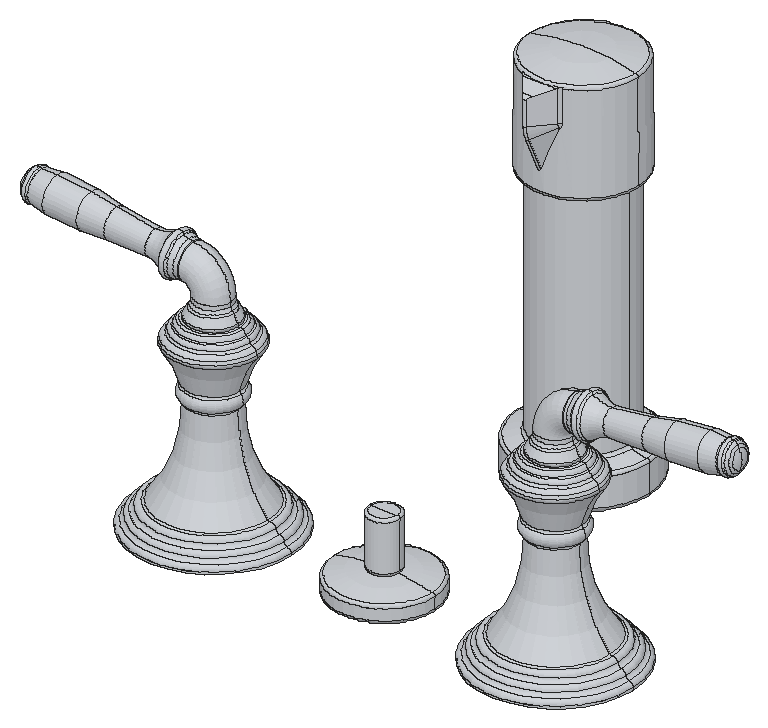
Revit family "Faucet-Bidet-KOHLER-Devonshire-K-412_1", category Plumbing Fixtures, host Face, Revit 2017
Family settings
  Host = Face
  Round Connector Dimension = Use Diameter
  Part Type = Normal
  OmniClass Number = 23.31.11.00
  Cut with Voids When Loaded = No
  Shared = No
  Room Calculation Point = No
Parameters (values of type "CP-Polished Chrome")
  Width [instance] = 5 1/2"
  WaterSense Certified = 1 = 0  # no
  Waste Water Outlet = "Waste Water Outlet"  # constant formula
  Waste Connection = 1 = 0  # no
  Vent Connection = 1 = 0  # no
  URL = "https://www.us.kohler.com/us/"
  Type = 1
  Spray Handle Distance [instance] = 4"
  Product Page URL = "http://www.us.kohler.com/us/catalog/productDetails.jsp?productNumber=412-4"
  Product Name = "Devonshire"  # constant formula
  Product Documentation Link = "https://www.us.kohler.com/webassets/kpna/catalog/pdf/en/K-412-4_spec.pdf"
  Pressure = 0.00 psi
  Model = if(Type = 1, "K-412-4-CP", if(Type = 2, "K-412-4-PB", if(Type = 3, "K-412-4-BN", if(Type = 4, "K-412-4-2BZ", "NA"))))  # "K-412-4-CP"
  Material = "Brass Construction"  # constant formula
  MasterFormat 2004 = "22.41.39"  # constant formula
  MasterFormat 1995 = "15410"  # constant formula
  Manufacturer Address = "444 Highland Dr, Kohler, WI 53044"  # constant formula
  Manufacturer = "KOHLER Co."  # constant formula
  Length = 2 1/8"  # constant formula
  Hot Water Inlet = "Hot Water Inlet"  # constant formula
  Height = 6 1/8"  # constant formula
  Handle Clearance = 3"  # constant formula
  HW Connection = 1 = 1  # yes
  Flow Rate = 0 GPM
  Finish = Kohler-Metal-CP-Polished_Chrome
  Faucet Hole Spacing [instance] = Width  # 5 1/2"
  Environmental Product Declaration = ""
  Drain Included = 1 = 1  # yes
  Description = "Vertical spray bidet faucet with lever handles"  # constant formula
  Default Elevation = 36"
  Declare Label = ""
  Date Modified = "02/19/2020"  # constant formula
  Date Created = "02/19/2020"  # constant formula
  Copyright = "Copyright KOHLER Co."  # constant formula
  Contact Us = "https://www.us.kohler.com/us/static/contact.jsp"
  Cold Water Inlet = "Cold Water Inlet"  # constant formula
  CW Connection = 1 = 1  # yes
  Assembly Code = "D2010"
  ADA Compliant = 1 = 0  # no
Types (5): name | Type | Model | Finish
  (no name) | 1 | "K-412-4-CP" | Kohler-Metal-CP-Polished_Chrome
  CP-Polished Chrome | 1 | "K-412-4-CP" | Kohler-Metal-CP-Polished_Chrome
  PB-Vibrant Polished Brass | 2 | "K-412-4-PB" | Kohler-Metal-PB-Vibrant_Polished_Brass
  BN-Vibrant Brushed Nickel | 3 | "K-412-4-BN" | Kohler-Metal-BN-Vibrant_Brushed_Nickel
  2BZ-Oil-Rubbed Bronze | 4 | "K-412-4-2BZ" | Kohler-Metal-2BZ-Oil_Rubbed_Bronze
Reference planes (in)
  plane 1 "Center (Front/Back)": y = 0
  plane 2: z = 0
  plane 3 "Center (Left/Right)": x = 0
  plane 4: y = 5.0625
  plane 5: x = 1.0625
  plane 6: y = 2.9375
  plane 7: y = 2.8125
  plane 8: y = 4
  plane 9: x = -1.0625
  plane 10: x = -1.5
  plane 11: y = -1.25
  plane 12: x = -4
  plane 13: y = 1.25
  plane 14: x = -5.75
  plane 15: x = -2.75
  plane 16: y = -0.8125
  plane 17: x = -0.8125
  plane 18: x = 0.8125
  plane 19: y = 0.8125
  plane 20: x = 1.5
  plane 21: x = 5.75
  plane 22: x = 4
  plane 23: x = 2.75
  plane 24: z = 6.125
  plane 25: z = 4.1875
  plane 26: z = 1.1875
Dimensions and locks (in)
  equal spacing: plane 6, plane 8, plane 4
  locked: plane 6 to plane 7 at 0.125
  "Spray Handle Distance": plane 1 "Center (Front/Back)" to plane 8
  "Length": plane 4 to plane 6
  equal spacing: plane 10, plane 15, plane 12
  locked: plane 10 to plane 12 at 2.5
  equal spacing: plane 20, plane 23, plane 22
  locked: plane 20 to plane 22 at 2.5
  equal spacing: plane 15, plane 3 "Center (Left/Right)", plane 23
  "Width": plane 15 to plane 23
  "Handle Clearance": plane 14 to plane 15
  "Handle Clearance": plane 23 to plane 21
  "Height": plane 24 to host face
  aligned and locked: plane 2 to host face
  aligned and locked: level to host face
  aligned and locked: nested 3 to plane 8
  aligned and locked: nested 1 to plane 15
  aligned and locked: nested 2 to plane 23
Automatic sketch dimensions
  host sketch curve to host sketch curve = 96"  (x2)
Nested families (in)
  nested 1: "K-412_Handle" at (-2.75, 0, 0), type "K-412_Handle"
  nested 2: "K-412_Handle" at (2.75, 0, 0) x (-1, 0, 0) z (0, 0, 1), type "K-412_Handle"
  nested 3: "K-412_Spray_Handle" at (0, 4, 0), type "K-412_Spray_Handle"
  nested 4: "K-412_Liftrod" at (0, 0, 0), type "K-412_Liftrod"
Connectors (in)
  piping at (-2.75, 0, 0), diameter 0.5, driven by "Flow Rate", driven by "Pressure", driven by "HW Connection", driven by "Hot Water Inlet"
    settings: on nested 1, index 1, connector inside diameter 24", connector length 0", flow factor 0, pipe flow 0 GPM, pressure drop 0.00 psi, fitting loss kfactor 0, connector angle 0.00°, fixture units 0, engagement length 0", angle of deflection 0.00°, flow configuration 0, flow direction 1, fitting loss method 0, system type 19, joint type 0, gender type 0, connector reference index -1, connector utility 1, adjustable connector no, is connector primary yes, connector description "Hot Water Inlet"
  piping at (2.75, 0, 0), diameter 0.5, driven by "Flow Rate", driven by "Pressure", driven by "CW Connection", driven by "Cold Water Inlet"
    settings: on nested 2, index 2, connector inside diameter 24", connector length 0", flow factor 0, pipe flow 0 GPM, pressure drop 0.00 psi, fitting loss kfactor 0, connector angle 0.00°, fixture units 0, engagement length 0", angle of deflection 0.00°, flow configuration 0, flow direction 1, fitting loss method 0, system type 20, joint type 0, gender type 0, connector reference index -1, connector utility 1, adjustable connector no, is connector primary no, connector description "Cold Water Inlet"
Definition of nested family "K-412_Handle"
  Parameters (values of type "K-412_Handle")
    Material = none
  Reference planes (in)
    plane 1 "Center (Front/Back)": y = 0
    plane 2: z = 0
    plane 3 "Center (Left/Right)": x = 0
    plane 4: y = 1.25
    plane 5: y = -1.25
    plane 6: x = -1.25
    plane 7: x = -3
    plane 8: x = 1.25
    plane 9: z = 4.1875
  Forms (in)
    Revolve 1, solid, material <- "Material", detail levels medium+fine
      sketch origin (0, 0, 0) x (1, 0, 0) y (0, 0, 1)
        loop
          line (-1.25026, 0) -> (0, 0) -> (0, 3.25755) -> (-0.28036, 3.25755)
          arc (-0.28036, 3.25755) -> (-0.28932, 3.22947) -> (-0.304, 3.20393) r 0.13871
          arc (-0.304, 3.20393) -> (-0.31502, 3.18759) -> (-0.32487, 3.17052) r 0.28281
          line (-0.32487, 3.17052) -> (-0.39317, 3.04207)
          arc (-0.39317, 3.04207) -> (-0.39566, 3.01863) -> (-0.38123, 3) r 0.03157
          line (-0.38123, 3) -> (-0.43429, 3)
          arc (-0.43429, 3) -> (-0.45313, 2.99691) -> (-0.47, 2.98797) r 0.05901
          arc (-0.47, 2.98797) -> (-0.49658, 2.95926) -> (-0.51179, 2.92322) r 0.11307
          arc (-0.51179, 2.92322) -> (-0.5191, 2.90983) -> (-0.53234, 2.90223) r 0.02812
          arc (-0.53234, 2.90223) -> (-0.56743, 2.88011) -> (-0.58264, 2.84152) r 0.06666
          arc (-0.58264, 2.84152) -> (-0.59163, 2.81805) -> (-0.61251, 2.80405) r 0.04159
          arc (-0.61251, 2.80405) -> (-0.65326, 2.78206) -> (-0.68142, 2.7453) r 0.11051
          arc (-0.68142, 2.7453) -> (-0.6918, 2.7202) -> (-0.69957, 2.69417) r 0.26721
          arc (-0.69957, 2.69417) -> (-0.7001, 2.66865) -> (-0.68977, 2.64531) r 0.05884
          arc (-0.68977, 2.64531) -> (-0.53036, 2.38031) -> (-0.42311, 2.09025) r 1.6525
          arc (-0.42311, 2.09025) -> (-0.42333, 2.06589) -> (-0.43601, 2.0451) r 0.04578
          arc (-0.43601, 2.0451) -> (-0.47506, 1.94578) -> (-0.42303, 1.8526) r 0.12476
          arc (-0.42303, 1.8526) -> (-0.40669, 1.83414) -> (-0.40009, 1.81038) r 0.05483
          arc (-0.40009, 1.81038) -> (-0.5054, 1.05483) -> (-0.87384, 0.38684) r 2.0984
          arc (-0.87384, 0.38684) -> (-0.89149, 0.37381) -> (-0.91321, 0.37074) r 0.04471
          arc (-0.91321, 0.37074) -> (-0.96994, 0.35475) -> (-0.9998, 0.30393) r 0.07897
          arc (-0.9998, 0.30393) -> (-1.0215, 0.2607) -> (-1.06457, 0.23869) r 0.07769
          arc (-1.06457, 0.23869) -> (-1.10803, 0.21643) -> (-1.12983, 0.17273) r 0.07823
          arc (-1.12983, 0.17273) -> (-1.1499, 0.1322) -> (-1.18903, 0.10951) r 0.07835
          arc (-1.18903, 0.10951) -> (-1.2331, 0.08144) -> (-1.25026, 0.03208) r 0.07958
          line (-1.25026, 0.03208) -> (-1.25026, 0)
        axis (0, 3.25755) -> (0, 0)
      angle from 0 to 360
    Revolve 2, solid, material <- "Material", detail levels medium+fine
      sketch origin (0, 0, 0) x (1, 0, 0) y (0, 0, 1)
        loop
          line (-2.99701, 3.9369) -> (-0.34778, 3.70512) -> (-0.32327, 3.9853)
          arc (-0.32327, 3.9853) -> (-0.35984, 3.98962) -> (-0.39511, 4.00018) r 0.2127
          line (-0.39511, 4.00018) -> (-0.47489, 4.03183)
          arc (-0.47489, 4.03183) -> (-0.48858, 4.04009) -> (-0.49883, 4.05236) r 0.04848
          arc (-0.49883, 4.05236) -> (-0.53734, 4.0772) -> (-0.58019, 4.06097) r 0.05084
          arc (-0.58019, 4.06097) -> (-0.59349, 4.04831) -> (-0.60841, 4.03762) r 0.13271
          arc (-0.60841, 4.03762) -> (-0.75691, 3.97493) -> (-0.91741, 3.96) r 0.52757
          arc (-0.91741, 3.96) -> (-1.23902, 3.99167) -> (-1.55735, 4.04735) r 4.30882
          arc (-1.55735, 4.04735) -> (-1.75606, 4.08867) -> (-1.95523, 4.12775) r 17.97535
          arc (-1.95523, 4.12775) -> (-2.22373, 4.16709) -> (-2.49461, 4.18342) r 3.18391
          arc (-2.49461, 4.18342) -> (-2.62984, 4.18196) -> (-2.76476, 4.17284) r 2.38588
          arc (-2.76476, 4.17284) -> (-2.78114, 4.1739) -> (-2.79635, 4.18006) r 0.05146
          arc (-2.79635, 4.18006) -> (-2.82589, 4.18742) -> (-2.85441, 4.1768) r 0.05143
          arc (-2.85441, 4.1768) -> (-2.86807, 4.16796) -> (-2.883, 4.1615) r 0.0984
          arc (-2.883, 4.1615) -> (-2.90879, 4.14772) -> (-2.92873, 4.12633) r 0.08911
          arc (-2.92873, 4.12633) -> (-2.94223, 4.10426) -> (-2.95408, 4.08125) r 0.35199
          arc (-2.95408, 4.08125) -> (-2.98095, 4.01068) -> (-2.99701, 3.9369) r 0.50561
        axis (-2.99701, 3.9369) -> (-0.34778, 3.70512)
      angle from 0 to 360
    Sweep 3, solid, material <- "Material", detail levels medium+fine
      path origin (0, 0, 0) x (1, 0, 0) y (0, 0, 1)
        loop
          arc (-0.34778, 3.70512) -> (-0.10006, 3.5825) -> (0, 3.32483) r 0.38181
          line (0, 3.32483) -> (0, 3.25755)
      profile origin (0, 0, 3.25755) x (0, -1, 0) y (1, 0, 0)
        loop
          circle (0, 0) r 0.28036
    Revolve 4, solid, material <- "Material", detail levels coarse
      sketch origin (0, 0, 0) x (1, 0, 0) y (0, 0, 1)
        loop
          line (0, 0) -> (1.25026, 0) -> (0.40502, 1.81262) -> (0.40502, 3.06262) -> (0.28036, 3.25755) -> (0, 3.25755) -> (0, 0)
        axis (0, 3.25755) -> (0, 0)
      angle from 0 to 360
    Sweep 5, solid, material <- "Material", detail levels coarse
      path origin (0, 0, 0) x (1, 0, 0) y (0, 0, 1)
        loop
          arc (-0.34778, 3.70512) -> (-0.10006, 3.5825) -> (0, 3.32483) r 0.38181
          line (0, 3.32483) -> (0, 3.25755)
      profile origin (0, 0, 3.25755) x (0, -1, 0) y (1, 0, 0)
        loop
          circle (0, 0) r 0.29056
    Extrusion 6, solid, material <- "Material", detail levels coarse
      sketch origin (-0.30797, 0, -0.01766) x (0, 1, 0) y (0.089459, 0, 0.995991)
        loop
          circle (0, 3.70429) r 0.27823
      from -3.03097 to -0.36844
    Extrusion 7, solid, material <- "Material", detail levels medium+fine
      sketch origin (0, 0, 0) x (1, 0, 0) y (0, 1, 0)
        loop
          circle (0, 0) r 0.03305
      from 0 to 0.00842
  Cuts and joins
    joined: Revolve 4, Sweep 5, Extrusion 6
    joined: Revolve 1, Revolve 2
  Lines and regions (in)
    Masking region 1
      outline origin (0, 0, 0) x (1, 0, 0) y (0, 0, 1)
        loop
          arc (-1.12973, 0.17339) -> (-1.1495, 0.13245) -> (-1.18876, 0.10952) r 0.07791
          arc (-1.18876, 0.10952) -> (-1.23284, 0.08144) -> (-1.25, 0.03208) r 0.07958
          line (-1.25, 0.03208) -> (-1.25, 0) -> (1.25001, 0) -> (1.25001, 0.03208)
          arc (1.25001, 0.03208) -> (1.233, 0.08126) -> (1.18922, 0.10941) r 0.07958
          arc (1.18922, 0.10941) -> (1.15009, 0.13222) -> (1.12983, 0.17273) r 0.07931
          arc (1.12983, 0.17273) -> (1.10803, 0.21643) -> (1.06457, 0.23869) r 0.07823
          arc (1.06457, 0.23869) -> (1.0215, 0.2607) -> (0.9998, 0.30393) r 0.07769
          arc (0.9998, 0.30393) -> (0.96994, 0.35475) -> (0.91321, 0.37074) r 0.07897
          arc (0.91321, 0.37074) -> (0.89149, 0.37381) -> (0.87384, 0.38684) r 0.04471
          arc (0.87384, 0.38684) -> (0.5054, 1.05483) -> (0.40009, 1.81038) r 2.0984
          arc (0.40009, 1.81038) -> (0.40669, 1.83414) -> (0.42303, 1.8526) r 0.05483
          arc (0.42303, 1.8526) -> (0.47506, 1.94578) -> (0.43601, 2.0451) r 0.12476
          arc (0.43601, 2.0451) -> (0.42333, 2.06589) -> (0.42311, 2.09025) r 0.04578
          arc (0.42311, 2.09025) -> (0.53036, 2.38031) -> (0.68977, 2.64531) r 1.6525
          arc (0.68977, 2.64531) -> (0.7001, 2.66865) -> (0.69957, 2.69417) r 0.05884
          arc (0.69957, 2.69417) -> (0.6918, 2.7202) -> (0.68142, 2.7453) r 0.26721
          arc (0.68142, 2.7453) -> (0.65326, 2.78206) -> (0.61251, 2.80405) r 0.11051
          arc (0.61251, 2.80405) -> (0.59163, 2.81805) -> (0.58264, 2.84152) r 0.04159
          arc (0.58264, 2.84152) -> (0.56743, 2.88011) -> (0.53234, 2.90223) r 0.06666
          arc (0.53234, 2.90223) -> (0.5191, 2.90983) -> (0.51179, 2.92322) r 0.02812
          arc (0.51179, 2.92322) -> (0.49658, 2.95926) -> (0.47, 2.98797) r 0.11307
          arc (0.47, 2.98797) -> (0.45313, 2.99691) -> (0.43429, 3) r 0.05901
          line (0.43429, 3) -> (0.38123, 3)
          arc (0.38123, 3) -> (0.39566, 3.01863) -> (0.39317, 3.04207) r 0.03157
          line (0.39317, 3.04207) -> (0.32487, 3.17052)
          arc (0.32487, 3.17052) -> (0.31502, 3.18759) -> (0.304, 3.20393) r 0.28281
          arc (0.304, 3.20393) -> (0.28932, 3.22947) -> (0.28036, 3.25755) r 0.13871
          line (0.28036, 3.25755) -> (0.28036, 3.33736)
          arc (0.28036, 3.33736) -> (0.10607, 3.78013) -> (-0.32327, 3.9853) r 0.64957
          arc (-0.32327, 3.9853) -> (-0.35984, 3.98962) -> (-0.39511, 4.00018) r 0.2127
          line (-0.39511, 4.00018) -> (-0.47489, 4.03183)
          arc (-0.47489, 4.03183) -> (-0.48844, 4.03997) -> (-0.49865, 4.05205) r 0.04848
          arc (-0.49865, 4.05205) -> (-0.53989, 4.07713) -> (-0.58385, 4.05718) r 0.05164
          arc (-0.58385, 4.05718) -> (-0.59495, 4.04591) -> (-0.60841, 4.03762) r 0.06601
          arc (-0.60841, 4.03762) -> (-0.75691, 3.97493) -> (-0.91741, 3.96) r 0.52757
          arc (-0.91741, 3.96) -> (-1.23902, 3.99167) -> (-1.55735, 4.04735) r 4.30882
          arc (-1.55735, 4.04735) -> (-1.75606, 4.08867) -> (-1.95523, 4.12775) r 17.97535
          arc (-1.95523, 4.12775) -> (-2.22373, 4.16709) -> (-2.49461, 4.18342) r 3.18391
          arc (-2.49461, 4.18342) -> (-2.63125, 4.18194) -> (-2.7676, 4.17272) r 2.40938
          arc (-2.7676, 4.17272) -> (-2.78398, 4.17406) -> (-2.79889, 4.181) r 0.04663
          arc (-2.79889, 4.181) -> (-2.82756, 4.18712) -> (-2.85493, 4.17658) r 0.05143
          arc (-2.85493, 4.17658) -> (-2.86859, 4.16775) -> (-2.88351, 4.16129) r 0.0984
          arc (-2.88351, 4.16129) -> (-2.90931, 4.14751) -> (-2.92925, 4.12612) r 0.08911
          arc (-2.92925, 4.12612) -> (-2.94275, 4.10404) -> (-2.95459, 4.08103) r 0.35199
          arc (-2.95459, 4.08103) -> (-2.9992, 3.93624) -> (-2.98041, 3.7859) r 0.36078
          arc (-2.98041, 3.7859) -> (-2.97297, 3.76231) -> (-2.96389, 3.73929) r 0.35199
          arc (-2.96389, 3.73929) -> (-2.94796, 3.71477) -> (-2.92495, 3.69672) r 0.08911
          arc (-2.92495, 3.69672) -> (-2.91137, 3.68776) -> (-2.89945, 3.67669) r 0.0984
          arc (-2.89945, 3.67669) -> (-2.87602, 3.66202) -> (-2.84837, 3.66161) r 0.05143
          arc (-2.84837, 3.66161) -> (-2.82778, 3.6649) -> (-2.80695, 3.66409) r 0.10573
          arc (-2.80695, 3.66409) -> (-2.67855, 3.63177) -> (-2.54844, 3.60718) r 2.21715
          arc (-2.54844, 3.60718) -> (-2.27884, 3.57622) -> (-2.00759, 3.56834) r 3.18391
          arc (-2.00759, 3.56834) -> (-1.80466, 3.57223) -> (-1.60179, 3.57842) r 17.97535
          arc (-1.60179, 3.57842) -> (-1.27863, 3.57798) -> (-0.95641, 3.55332) r 4.30882
          arc (-0.95641, 3.55332) -> (-0.79934, 3.51061) -> (-0.66219, 3.42293) r 0.53879
          arc (-0.66219, 3.42293) -> (-0.65037, 3.41242) -> (-0.64139, 3.39941) r 0.06601
          arc (-0.64139, 3.39941) -> (-0.60157, 3.37212) -> (-0.5566, 3.38966) r 0.05164
          arc (-0.5566, 3.38966) -> (-0.54445, 3.39978) -> (-0.52969, 3.40545) r 0.04848
          line (-0.52969, 3.40545) -> (-0.44563, 3.42276)
          arc (-0.44563, 3.42276) -> (-0.40906, 3.42703) -> (-0.3723, 3.42494) r 0.2127
          arc (-0.3723, 3.42494) -> (-0.30692, 3.3944) -> (-0.28032, 3.32732) r 0.09773
          line (-0.28032, 3.32732) -> (-0.28036, 3.25755)
          arc (-0.28036, 3.25755) -> (-0.28932, 3.22947) -> (-0.304, 3.20393) r 0.13871
          arc (-0.304, 3.20393) -> (-0.31502, 3.18759) -> (-0.32487, 3.17052) r 0.28281
          line (-0.32487, 3.17052) -> (-0.39317, 3.04207)
          arc (-0.39317, 3.04207) -> (-0.39566, 3.01863) -> (-0.38123, 3) r 0.03157
          line (-0.38123, 3) -> (-0.43429, 3)
          arc (-0.43429, 3) -> (-0.45313, 2.99691) -> (-0.47, 2.98797) r 0.05901
          arc (-0.47, 2.98797) -> (-0.49658, 2.95926) -> (-0.51179, 2.92322) r 0.11307
          arc (-0.51179, 2.92322) -> (-0.5191, 2.90983) -> (-0.53234, 2.90223) r 0.02812
          arc (-0.53234, 2.90223) -> (-0.56743, 2.88011) -> (-0.58264, 2.84152) r 0.06666
          arc (-0.58264, 2.84152) -> (-0.59163, 2.81805) -> (-0.61251, 2.80405) r 0.04159
          arc (-0.61251, 2.80405) -> (-0.65326, 2.78206) -> (-0.68142, 2.7453) r 0.11051
          arc (-0.68142, 2.7453) -> (-0.6918, 2.7202) -> (-0.69957, 2.69417) r 0.26721
          arc (-0.69957, 2.69417) -> (-0.7001, 2.66865) -> (-0.68977, 2.64531) r 0.05884
          arc (-0.68977, 2.64531) -> (-0.53036, 2.38031) -> (-0.42311, 2.09025) r 1.6525
          arc (-0.42311, 2.09025) -> (-0.42333, 2.06589) -> (-0.43601, 2.0451) r 0.04578
          arc (-0.43601, 2.0451) -> (-0.47506, 1.94578) -> (-0.42303, 1.8526) r 0.12476
          arc (-0.42303, 1.8526) -> (-0.40669, 1.83414) -> (-0.40009, 1.81038) r 0.05483
          arc (-0.40009, 1.81038) -> (-0.5054, 1.05483) -> (-0.87384, 0.38684) r 2.0984
          arc (-0.87384, 0.38684) -> (-0.89149, 0.37381) -> (-0.91321, 0.37074) r 0.04471
          arc (-0.91321, 0.37074) -> (-0.96994, 0.35475) -> (-0.9998, 0.30393) r 0.07897
          arc (-0.9998, 0.30393) -> (-1.0215, 0.2607) -> (-1.06457, 0.23869) r 0.07769
          arc (-1.06457, 0.23869) -> (-1.1078, 0.21667) -> (-1.12973, 0.17339) r 0.07823
    Masking region 2
      outline origin (0, 0, 0) x (0, 1, 0) y (0, 0, 1)
        loop
          line (1.25, 0) -> (1.25, 0.03208)
          arc (1.25, 0.03208) -> (1.23291, 0.08136) -> (1.18897, 0.10947) r 0.07958
          arc (1.18897, 0.10947) -> (1.14989, 0.13221) -> (1.12983, 0.17273) r 0.07854
          arc (1.12983, 0.17273) -> (1.10803, 0.21643) -> (1.06457, 0.23869) r 0.07823
          arc (1.06457, 0.23869) -> (1.0215, 0.2607) -> (0.9998, 0.30393) r 0.07769
          arc (0.9998, 0.30393) -> (0.96994, 0.35475) -> (0.91321, 0.37074) r 0.07897
          arc (0.91321, 0.37074) -> (0.89149, 0.37381) -> (0.87384, 0.38684) r 0.04471
          arc (0.87384, 0.38684) -> (0.5054, 1.05483) -> (0.40009, 1.81038) r 2.0984
          arc (0.40009, 1.81038) -> (0.40669, 1.83414) -> (0.42303, 1.8526) r 0.05483
          arc (0.42303, 1.8526) -> (0.47506, 1.94578) -> (0.43601, 2.0451) r 0.12476
          arc (0.43601, 2.0451) -> (0.42333, 2.06589) -> (0.42311, 2.09025) r 0.04578
          arc (0.42311, 2.09025) -> (0.53036, 2.38031) -> (0.68977, 2.64531) r 1.6525
          arc (0.68977, 2.64531) -> (0.7001, 2.66865) -> (0.69957, 2.69417) r 0.05884
          arc (0.69957, 2.69417) -> (0.6918, 2.7202) -> (0.68142, 2.7453) r 0.26721
          arc (0.68142, 2.7453) -> (0.65326, 2.78206) -> (0.61251, 2.80405) r 0.11051
          arc (0.61251, 2.80405) -> (0.59163, 2.81805) -> (0.58264, 2.84152) r 0.04159
          arc (0.58264, 2.84152) -> (0.56743, 2.88011) -> (0.53234, 2.90223) r 0.06666
          arc (0.53234, 2.90223) -> (0.5191, 2.90983) -> (0.51179, 2.92322) r 0.02812
          arc (0.51179, 2.92322) -> (0.49658, 2.95926) -> (0.47, 2.98797) r 0.11307
          arc (0.47, 2.98797) -> (0.45313, 2.99691) -> (0.43429, 3) r 0.05901
          line (0.43429, 3) -> (0.38123, 3)
          arc (0.38123, 3) -> (0.39566, 3.01863) -> (0.39317, 3.04207) r 0.03157
          line (0.39317, 3.04207) -> (0.32487, 3.17052)
          arc (0.32487, 3.17052) -> (0.31502, 3.18759) -> (0.304, 3.20393) r 0.28281
          arc (0.304, 3.20393) -> (0.28932, 3.22947) -> (0.28036, 3.25755) r 0.13871
          line (0.28036, 3.25755) -> (0.28036, 3.50928)
          spline (0.28036, 3.50928) -> (0.29984, 3.53754) -> (0.31663, 3.56756) -> (0.33058, 3.59908) -> (0.34155, 3.63181) -> (0.34946, 3.66547) -> (0.35423, 3.69974) -> (0.35581, 3.73432) -> (0.3542, 3.7689) -> (0.34941, 3.80316) -> (0.34149, 3.83681) -> (0.33049, 3.86954) -> (0.31652, 3.90105)
          spline (0.31652, 3.90105) -> (0.30325, 3.97586) -> (0.27028, 4.04509) -> (0.21975, 4.10424) -> (0.15495, 4.14947) -> (0.08007, 4.17783) -> (0, 4.1875) -> (-0.08007, 4.17783) -> (-0.15495, 4.14947) -> (-0.21975, 4.10424) -> (-0.27028, 4.04509) -> (-0.30325, 3.97586) -> (-0.31652, 3.90105)
          spline (-0.31652, 3.90105) -> (-0.33049, 3.86954) -> (-0.34149, 3.83681) -> (-0.34941, 3.80316) -> (-0.3542, 3.7689) -> (-0.35581, 3.73432) -> (-0.35423, 3.69974) -> (-0.34946, 3.66547) -> (-0.34155, 3.63181) -> (-0.33058, 3.59908) -> (-0.31663, 3.56756) -> (-0.29984, 3.53754) -> (-0.28036, 3.50928)
          line (-0.28036, 3.50928) -> (-0.28036, 3.25755)
          arc (-0.28036, 3.25755) -> (-0.28932, 3.22947) -> (-0.304, 3.20393) r 0.13871
          arc (-0.304, 3.20393) -> (-0.31502, 3.18759) -> (-0.32487, 3.17052) r 0.28281
          line (-0.32487, 3.17052) -> (-0.39317, 3.04207)
          arc (-0.39317, 3.04207) -> (-0.39566, 3.01863) -> (-0.38123, 3) r 0.03157
          line (-0.38123, 3) -> (-0.43429, 3)
          arc (-0.43429, 3) -> (-0.45313, 2.99691) -> (-0.47, 2.98797) r 0.05901
          arc (-0.47, 2.98797) -> (-0.49658, 2.95926) -> (-0.51179, 2.92322) r 0.11307
          arc (-0.51179, 2.92322) -> (-0.5191, 2.90983) -> (-0.53234, 2.90223) r 0.02812
          arc (-0.53234, 2.90223) -> (-0.56743, 2.88011) -> (-0.58264, 2.84152) r 0.06666
          arc (-0.58264, 2.84152) -> (-0.59163, 2.81805) -> (-0.61251, 2.80405) r 0.04159
          arc (-0.61251, 2.80405) -> (-0.65326, 2.78206) -> (-0.68142, 2.7453) r 0.11051
          arc (-0.68142, 2.7453) -> (-0.6918, 2.7202) -> (-0.69957, 2.69417) r 0.26721
          arc (-0.69957, 2.69417) -> (-0.7001, 2.66865) -> (-0.68977, 2.64531) r 0.05884
          arc (-0.68977, 2.64531) -> (-0.53036, 2.38031) -> (-0.42311, 2.09025) r 1.6525
          arc (-0.42311, 2.09025) -> (-0.42333, 2.06589) -> (-0.43601, 2.0451) r 0.04578
          arc (-0.43601, 2.0451) -> (-0.47506, 1.94578) -> (-0.42303, 1.8526) r 0.12476
          arc (-0.42303, 1.8526) -> (-0.40669, 1.83414) -> (-0.40009, 1.81038) r 0.05483
          arc (-0.40009, 1.81038) -> (-0.5054, 1.05483) -> (-0.87384, 0.38684) r 2.0984
          arc (-0.87384, 0.38684) -> (-0.89149, 0.37381) -> (-0.91321, 0.37074) r 0.04471
          arc (-0.91321, 0.37074) -> (-0.96994, 0.35475) -> (-0.9998, 0.30393) r 0.07897
          arc (-0.9998, 0.30393) -> (-1.0215, 0.2607) -> (-1.06457, 0.23869) r 0.07769
          arc (-1.06457, 0.23869) -> (-1.10803, 0.21643) -> (-1.12983, 0.17273) r 0.07823
          arc (-1.12983, 0.17273) -> (-1.14984, 0.13221) -> (-1.1889, 0.10948) r 0.07832
          arc (-1.1889, 0.10948) -> (-1.23288, 0.08139) -> (-1.25, 0.03208) r 0.07958
          line (-1.25, 0.03208) -> (-1.25, 0) -> (1.25, 0)
    Masking region 3
      outline origin (0, 0, 0) x (1, 0, 0) y (0, 1, 0)
        loop
          arc (-1.22934, 0.22631) -> (-1.40305, 0.23723) -> (-1.57618, 0.25516) r 4.30882
          arc (-1.57618, 0.25516) -> (-1.77774, 0.27901) -> (-1.97956, 0.30058) r 17.97535
          arc (-1.97956, 0.30058) -> (-2.25046, 0.31636) -> (-2.52173, 0.30902) r 3.18391
          arc (-2.52173, 0.30902) -> (-2.65033, 0.29496) -> (-2.77742, 0.27084) r 1.64745
          arc (-2.77742, 0.27084) -> (-2.79363, 0.27052) -> (-2.80796, 0.27813) r 0.03228
          arc (-2.80796, 0.27813) -> (-2.84277, 0.29165) -> (-2.87755, 0.27806) r 0.05143
          arc (-2.87755, 0.27806) -> (-2.89039, 0.26807) -> (-2.90469, 0.26033) r 0.0984
          arc (-2.90469, 0.26033) -> (-2.92919, 0.24435) -> (-2.94719, 0.22131) r 0.08911
          arc (-2.94719, 0.22131) -> (-2.95872, 0.19814) -> (-2.96851, 0.17418) r 0.35199
          arc (-2.96851, 0.17418) -> (-3, 0) -> (-2.96851, -0.17418) r 0.49747
          arc (-2.96851, -0.17418) -> (-2.95872, -0.19814) -> (-2.94719, -0.22131) r 0.35199
          arc (-2.94719, -0.22131) -> (-2.92919, -0.24435) -> (-2.90469, -0.26033) r 0.08911
          arc (-2.90469, -0.26033) -> (-2.89039, -0.26807) -> (-2.87755, -0.27806) r 0.0984
          arc (-2.87755, -0.27806) -> (-2.84277, -0.29165) -> (-2.80796, -0.27813) r 0.05143
          arc (-2.80796, -0.27813) -> (-2.79363, -0.27052) -> (-2.77742, -0.27084) r 0.03228
          arc (-2.77742, -0.27084) -> (-2.65033, -0.29496) -> (-2.52173, -0.30902) r 1.64745
          arc (-2.52173, -0.30902) -> (-2.25046, -0.31636) -> (-1.97956, -0.30058) r 3.18391
          arc (-1.97956, -0.30058) -> (-1.77774, -0.27901) -> (-1.57618, -0.25516) r 17.97535
          arc (-1.57618, -0.25516) -> (-1.40305, -0.23723) -> (-1.22934, -0.22631) r 4.30882
          arc (-1.22934, -0.22631) -> (1.25, 0) -> (-1.22934, 0.22631) r 1.25
    symbolic lines, detail levels medium+fine
      curve 1: line (-0.38123, 0, 3) -> (0.38123, 0, 3)
      curve 2: line (-0.43601, 0, 2.0451) -> (0.43601, 0, 2.0451)
      curve 3: line (-0.42303, 0, 1.8526) -> (0.42303, 0, 1.8526)
      curve 4: line (-0.58385, 0, 4.05718) -> (-0.64139, 0, 3.39941)
      curve 5: line (-0.49865, 0, 4.05205) -> (-0.5566, 0, 3.38966)
      curve 6: line (-2.81645, 0, 4.20002) -> (-2.86488, 0, 3.64642)
      curve 7: line (-2.74711, 0, 4.19403) -> (-2.79556, 0, 3.64028)
      curve 8: line (0, 0.91321, 0.37074) -> (0, -0.91321, 0.37074)
      curve 9: line (0, 0.43601, 2.0451) -> (0, -0.43601, 2.0451)
      curve 10: line (0, 0.42303, 1.8526) -> (0, -0.42303, 1.8526)
      curve 11: line (0, 0.38123, 3) -> (0, -0.38123, 3)
      curve 12: spline (0, 0.31651, 3.90104) -> (0, 0.30572, 3.82103) -> (0, 0.2741, 3.74648) -> (0, 0.2238, 3.68245) -> (0, 0.15825, 3.63333) -> (0, 0.08192, 3.60245) -> (0, 0, 3.59191) -> (0, -0.08192, 3.60245) -> (0, -0.15825, 3.63333) -> (0, -0.2238, 3.68245) -> (0, -0.2741, 3.74648) -> (0, -0.30572, 3.82103) -> (0, -0.31651, 3.90104)
      curve 13: arc (0, 0.28036, 3.50928) -> (0, 0, 3.37497) -> (0, -0.28036, 3.50928) r 0.35977
      curve 14: arc (0, -0.27221, 4.03814) -> (0, 0, 3.63145) -> (0, 0.27221, 4.03814) r 0.29444
      curve 15: arc (-0.25838, -0.28032, 0) -> (0.38123, 0, 0) -> (-0.25838, 0.28032, 0) r 0.38123
      curve 16: arc (-1.24044, 0.22679, 0) -> (-1.40859, 0.23769, 0) -> (-1.57618, 0.25516, 0) r 4.30882
      curve 17: arc (-0.94417, 0.22239, 0) -> (-1.09233, 0.22234, 0) -> (-1.24044, 0.22679, 0) r 4.88559
      curve 18: arc (-0.62791, 0.31446, 0) -> (-0.77984, 0.24712, 0) -> (-0.94417, 0.22239, 0) r 0.62229
      curve 19: arc (-0.61709, 0.32576, 0) -> (-0.62177, 0.31942, 0) -> (-0.62791, 0.31446, 0) r 0.03093
      curve 20: arc (-0.52281, 0.32842, 0) -> (-0.5707, 0.35391, 0) -> (-0.61709, 0.32576, 0) r 0.05486
      curve 21: arc (-0.50746, 0.31585, 0) -> (-0.51615, 0.3209, 0) -> (-0.52281, 0.32842, 0) r 0.03151
      curve 22: arc (-0.3908, 0.28307, 0) -> (-0.44988, 0.29677, 0) -> (-0.50746, 0.31585, 0) r 0.65986
      curve 23: line (-0.1175, 0.28032, 0) -> (-0.34769, 0.28032, 0)
      curve 24: arc (-0.34769, 0.28032, 0) -> (-0.36932, 0.28041, 0) -> (-0.3908, 0.28307, 0) r 0.18294
      curve 25: arc (-0.94417, -0.22239, 0) -> (-1.09233, -0.22234, 0) -> (-1.24044, -0.22679, 0) r 4.88559
      curve 26: arc (-0.62791, -0.31446, 0) -> (-0.77984, -0.24712, 0) -> (-0.94417, -0.22239, 0) r 0.62229
      curve 27: arc (-0.61709, -0.32576, 0) -> (-0.62177, -0.31942, 0) -> (-0.62791, -0.31446, 0) r 0.03093
      curve 28: arc (-0.52281, -0.32842, 0) -> (-0.5707, -0.35391, 0) -> (-0.61709, -0.32576, 0) r 0.05486
      curve 29: arc (-0.50746, -0.31585, 0) -> (-0.51615, -0.3209, 0) -> (-0.52281, -0.32842, 0) r 0.03151
      curve 30: arc (-0.3908, -0.28307, 0) -> (-0.44988, -0.29677, 0) -> (-0.50746, -0.31585, 0) r 0.65986
      curve 31: line (-0.1175, -0.28032, 0) -> (-0.34769, -0.28032, 0)
      curve 32: arc (-0.34769, -0.28032, 0) -> (-0.36932, -0.28041, 0) -> (-0.3908, -0.28307, 0) r 0.18294
      curve 33: arc (-0.62791, -0.31446, 0) -> (0.70225, 0, 0) -> (-0.62791, 0.31446, 0) r 0.70225
      curve 34: line (-0.62791, 0.31446, 0) -> (-0.62791, -0.31446, 0)
      curve 35: line (-0.50746, 0.31585, 0) -> (-0.50746, -0.31585, 0)
      curve 36: line (-2.87755, 0.27806, 0) -> (-2.87755, -0.27806, 0)
      curve 37: line (-2.80796, 0.27813, 0) -> (-2.80796, -0.27813, 0)
      curve 38: arc (0, 0.38123, 0) -> (-0.04006, 0.30901, 0) -> (-0.1175, 0.28032, 0) r 0.11886
      curve 39: arc (0, -0.38123, 0) -> (-0.04006, -0.30901, 0) -> (-0.1175, -0.28032, 0) r 0.11886
      curve 40: arc (-0.50746, -0.30776, 0) -> (0.5935, 0, 0) -> (-0.50746, 0.30776, 0) r 0.5935
      curve 41: arc (-0.38277, -0.28164, 0) -> (0.47522, 0, 0) -> (-0.38277, 0.28164, 0) r 0.47522
      curve 42: arc (-0.87804, -0.22694, 0) -> (0.9069, 0, 0) -> (-0.87804, 0.22694, 0) r 0.9069
      curve 43: arc (-0.97504, -0.22201, 0) -> (1, 0, 0) -> (-0.97504, 0.22201, 0) r 1
      curve 44: arc (-1.10805, -0.2226, 0) -> (1.13019, 0, 0) -> (-1.10805, 0.2226, 0) r 1.13019
      curve 45: line (-0.68977, 0, 2.64531) -> (0.68977, 0, 2.64531)
      curve 46: line (-0.61251, 0, 2.80405) -> (0.61251, 0, 2.80405)
      curve 47: line (-0.53234, 0, 2.90223) -> (0.53234, 0, 2.90223)
      curve 48: line (-1.18876, 0, 0.10952) -> (1.18922, 0, 0.10941)
      curve 49: line (-1.06457, 0, 0.23869) -> (1.04027, 0, 0.23869)
      curve 50: line (-0.91321, 0, 0.37074) -> (0.91321, 0, 0.37074)
      curve 51: line (0, 0.68977, 2.64531) -> (0, -0.68977, 2.64531)
      curve 52: line (0, 0.61251, 2.80405) -> (0, -0.61251, 2.80405)
      curve 53: line (0, 0.53234, 2.90223) -> (0, -0.53234, 2.90223)
      curve 54: line (0, 1.18897, 0.10947) -> (0, -1.1889, 0.10948)
      curve 55: line (0, 1.06457, 0.23869) -> (0, -1.06457, 0.23869)
  Dimensions and locks (in)
    plane 6 to plane 8 = 2 1/2"
    plane 5 to plane 4 = 2 1/2"
    plane 7 to plane 3 "Center (Left/Right)" = 3"
    plane 9 to plane 2 = 4 3/16"
    aligned and locked: plane 2 to level
Definition of nested family "K-412_Spray_Handle"
  Parameters (values of type "K-412_Spray_Handle")
    Material = none
  Reference planes (in)
    plane 1 "Center (Front/Back)": y = 0
    plane 2: z = 0
    plane 3 "Center (Left/Right)": x = 0
    plane 4: y = 1.0625
    plane 5: y = -1.0625
    plane 6: z = 6.125
    plane 7: y = -1.1875
    plane 8: x = 1.0625
    plane 9: x = -1.0625
  Forms (in)
    Revolve 1, solid, material <- "Material", detail levels medium+fine
      sketch origin (0, 0, 0) x (1, 0, 0) y (0, 0, 1)
        loop
          line (0, 0) -> (0, 6.125)
          arc (0, 6.125) -> (-0.42171, 6.09755) -> (-0.83754, 6.02217) r 3.69858
          arc (-0.83754, 6.02217) -> (-0.86541, 6.00438) -> (-0.87642, 5.97321) r 0.05078
          line (-0.87642, 5.97321) -> (-0.88882, 4.42172)
          arc (-0.88882, 4.42172) -> (-0.87582, 4.38979) -> (-0.844, 4.37654) r 0.04482
          line (-0.844, 4.37654) -> (-0.75001, 4.37654) -> (-0.75001, 0.64935)
          arc (-0.75001, 0.64935) -> (-0.7605, 0.61844) -> (-0.78764, 0.6003) r 0.05078
          line (-0.78764, 0.6003) -> (-1.02486, 0.53674)
          arc (-1.02486, 0.53674) -> (-1.05201, 0.5186) -> (-1.0625, 0.48768) r 0.05078
          line (-1.0625, 0.48768) -> (-1.0625, 0.04966)
          arc (-1.0625, 0.04966) -> (-1.04796, 0.01454) -> (-1.01284, 0) r 0.04966
          line (-1.01284, 0) -> (0, 0)
        axis (0, 6.125) -> (0, 0)
      angle from 0 to 360
    Sweep 2, solid, material <- "Material", detail levels medium+fine
      path origin (2.38, 0, 0.75) x (0, 1, 0) y (0, 0, 1)
        loop
          line (-1.1875, 5.32587) -> (-1.1875, 4.72912)
          arc (-1.1875, 4.72912) -> (-1.17579, 4.62222) -> (-1.14123, 4.5204) r 0.49388
          line (-1.14123, 4.5204) -> (-0.85699, 3.91084)
      profile origin (2.38, -1.1875, 5.77749) x (1, 0, 0) y (0, 1, 0)
        loop
          line (-2.65923, 0.32286) -> (-2.40884, 0.01366)
          arc (-2.40884, 0.01366) -> (-2.38, -0.0001) -> (-2.35116, 0.01366) r 0.0371
          line (-2.35116, 0.01366) -> (-2.10077, 0.32286)
          arc (-2.10077, 0.32286) -> (-2.04052, 0.40162) -> (-1.9847, 0.48358) r 1.79727
          line (-1.9847, 0.48358) -> (-2.7753, 0.48358)
          arc (-2.7753, 0.48358) -> (-2.71948, 0.40162) -> (-2.65923, 0.32286) r 1.79727
    Extrusion 3, void
      sketch origin (2.38, 0, 0.72656) x (0, 1, 0) y (0, 0, 1)
        loop
          line (-1.1169, 5.1848) -> (-0.87782, 5.25789)
          arc (-0.87782, 5.25789) -> (-0.73694, 5.23919) -> (-0.65888, 5.12042) r 0.17095
          line (-0.65888, 5.12042) -> (-0.65888, 5.39037) -> (-1.31302, 5.39037) -> (-1.31302, 5.06253) -> (-1.19785, 5.06253)
          arc (-1.19785, 5.06253) -> (-1.17932, 5.13819) -> (-1.1169, 5.1848) r 0.11529
      from -4.1401 to -0.58204
    Revolve 4, solid, material <- "Material", detail levels coarse
      sketch origin (0, 0, 0) x (0, 1, 0) y (0, 0, 1)
        loop
          line (0, 0) -> (1.0625, 0) -> (1.0625, 0.53996) -> (0.76284, 0.53996) -> (0.76284, 4.38191) -> (0.86772, 4.38191) -> (0.86772, 6.125) -> (0, 6.125) -> (0, 0)
        axis (0, 6.125) -> (0, 0)
      angle from 0 to 360
    Extrusion 5, solid, material <- "Material", detail levels coarse
      sketch origin (0, 0, 0) x (0, 1, 0) y (0, 0, 1)
        loop
          line (-0.50062, 6.125) -> (-1.1875, 6.125) -> (-1.1875, 4.72365) -> (-0.50062, 4.72365) -> (-0.50062, 6.125)
      from -0.31167 to 0.31167
  Cuts and joins
    Extrusion 3 cuts Sweep 2
    joined: Revolve 1, Sweep 2
    joined: Revolve 4, Extrusion 5
  Lines and regions (in)
    Masking region 1
      outline origin (0, 0, 0) x (1, 0, 0) y (0, 1, 0)
        loop
          arc (-1.0625, 0) -> (-0.79426, -0.70574) -> (-0.12497, -1.05512) r 1.0625
          line (-0.12497, -1.05512) -> (-0.02884, -1.17384)
          arc (-0.02884, -1.17384) -> (-0.01597, -1.18395) -> (0, -1.1875) r 0.03685
          arc (0, -1.1875) -> (0.01597, -1.18395) -> (0.02884, -1.17384) r 0.03685
          line (0.02884, -1.17384) -> (0.12497, -1.05512)
          arc (0.12497, -1.05512) -> (0.79426, -0.70574) -> (1.0625, 0) r 1.0625
          arc (1.0625, 0) -> (0.7513, 0.7513) -> (0, 1.0625) r 1.0625
          arc (0, 1.0625) -> (-0.7513, 0.7513) -> (-1.0625, 0) r 1.0625
    Masking region 2
      outline origin (0, 0, 0) x (1, 0, 0) y (0, 0, 1)
        loop
          arc (1.01284, 0) -> (1.04796, 0.01454) -> (1.0625, 0.04966) r 0.04966
          line (1.0625, 0.04966) -> (1.0625, 0.48768)
          arc (1.0625, 0.48768) -> (1.05201, 0.5186) -> (1.02486, 0.53674) r 0.05078
          line (1.02486, 0.53674) -> (0.78764, 0.6003)
          arc (0.78764, 0.6003) -> (0.7605, 0.61844) -> (0.75001, 0.64935) r 0.05078
          line (0.75001, 0.64935) -> (0.75001, 4.37654) -> (0.844, 4.37654)
          arc (0.844, 4.37654) -> (0.87582, 4.38979) -> (0.88882, 4.42172) r 0.04482
          line (0.88882, 4.42172) -> (0.87642, 5.97321)
          arc (0.87642, 5.97321) -> (0.86541, 6.00438) -> (0.83754, 6.02217) r 0.05078
          arc (0.83754, 6.02217) -> (0.42171, 6.09755) -> (0, 6.125) r 3.69858
          arc (0, 6.125) -> (-0.42171, 6.09755) -> (-0.83754, 6.02217) r 3.69858
          arc (-0.83754, 6.02217) -> (-0.86541, 6.00438) -> (-0.87642, 5.97321) r 0.05078
          line (-0.87642, 5.97321) -> (-0.88882, 4.42172)
          arc (-0.88882, 4.42172) -> (-0.87582, 4.38979) -> (-0.844, 4.37654) r 0.04482
          line (-0.844, 4.37654) -> (-0.75001, 4.37654) -> (-0.75001, 0.64935)
          arc (-0.75001, 0.64935) -> (-0.7605, 0.61844) -> (-0.78764, 0.6003) r 0.05078
          line (-0.78764, 0.6003) -> (-1.02486, 0.53674)
          arc (-1.02486, 0.53674) -> (-1.05201, 0.5186) -> (-1.0625, 0.48768) r 0.05078
          line (-1.0625, 0.48768) -> (-1.0625, 0.04966)
          arc (-1.0625, 0.04966) -> (-1.04796, 0.01454) -> (-1.01284, 0) r 0.04966
          line (-1.01284, 0) -> (1.01284, 0)
    Masking region 3
      outline origin (0, 0, 0) x (0, 1, 0) y (0, 0, 1)
        loop
          line (-1.01284, 0) -> (1.01284, 0)
          arc (1.01284, 0) -> (1.04796, 0.01454) -> (1.0625, 0.04966) r 0.04966
          line (1.0625, 0.04966) -> (1.0625, 0.48768)
          arc (1.0625, 0.48768) -> (1.05201, 0.5186) -> (1.02486, 0.53674) r 0.05078
          line (1.02486, 0.53674) -> (0.78764, 0.6003)
          arc (0.78764, 0.6003) -> (0.7605, 0.61844) -> (0.75001, 0.64935) r 0.05078
          line (0.75001, 0.64935) -> (0.75001, 4.37654) -> (0.844, 4.37654)
          arc (0.844, 4.37654) -> (0.87582, 4.38979) -> (0.88882, 4.42172) r 0.04482
          line (0.88882, 4.42172) -> (0.87642, 5.97321)
          arc (0.87642, 5.97321) -> (0.86541, 6.00438) -> (0.83754, 6.02217) r 0.05078
          arc (0.83754, 6.02217) -> (0.42171, 6.09755) -> (0, 6.125) r 3.69858
          arc (0, 6.125) -> (-0.42171, 6.09755) -> (-0.83754, 6.02217) r 3.69858
          line (-0.83754, 6.02217) -> (-1.13619, 5.9502)
          arc (-1.13619, 5.9502) -> (-1.17313, 5.92651) -> (-1.1875, 5.88505) r 0.06701
          line (-1.1875, 5.88505) -> (-1.1875, 5.46406)
          arc (-1.1875, 5.46406) -> (-1.17737, 5.3716) -> (-1.14748, 5.28352) r 0.42718
          line (-1.14748, 5.28352) -> (-0.88641, 4.72365) -> (-0.88882, 4.42172)
          arc (-0.88882, 4.42172) -> (-0.87582, 4.38979) -> (-0.844, 4.37654) r 0.04482
          line (-0.844, 4.37654) -> (-0.75001, 4.37654) -> (-0.75001, 0.64935)
          arc (-0.75001, 0.64935) -> (-0.7605, 0.61844) -> (-0.78764, 0.6003) r 0.05078
          line (-0.78764, 0.6003) -> (-1.02486, 0.53674)
          arc (-1.02486, 0.53674) -> (-1.05201, 0.5186) -> (-1.0625, 0.48768) r 0.05078
          line (-1.0625, 0.48768) -> (-1.0625, 0.04966)
          arc (-1.0625, 0.04966) -> (-1.04796, 0.01454) -> (-1.01284, 0) r 0.04966
    symbolic lines, detail levels medium+fine
      curve 1: circle (0, 0, 0) r 0.88969 normal (0, 0, 1)
      curve 2: line (0.12497, -1.05512, 0) -> (0.30098, -0.83724, 0)
      curve 3: line (-0.12497, -1.05512, 0) -> (-0.30098, -0.83724, 0)
      curve 4: line (-0.75001, 0, 4.37654) -> (0.75001, 0, 4.37654)
      curve 5: line (-0.78764, 0, 0.6003) -> (0.78764, 0, 0.6003)
      curve 6: line (-0.31167, 0, 5.43257) -> (-0.31167, 0, 6.03763)
      curve 7: line (0.31167, 0, 5.43234) -> (0.31167, 0, 6.03763)
      curve 8: arc (-0.29968, 0, 5.3772) -> (-0.15846, 0, 5.04832) -> (-0.03099, 0, 4.71387) r 8.6317
      curve 9: arc (0.29978, 0, 5.37741) -> (0.1585, 0, 5.04843) -> (0.03099, 0, 4.71387) r 8.6317
      curve 10: arc (-0.31167, 0, 5.43257) -> (-0.30864, 0, 5.40424) -> (-0.29968, 0, 5.3772) r 0.13392
      curve 11: arc (0.31167, 0, 5.43234) -> (0.30866, 0, 5.40424) -> (0.29978, 0, 5.37741) r 0.13281
      curve 12: arc (-0.03099, 0, 4.71387) -> (0, 0, 4.69204) -> (0.03099, 0, 4.71387) r 0.03291
      curve 13: line (-0.31167, 0, 6.03763) -> (-0.06108, 0, 5.94643)
      curve 14: line (0.31167, 0, 6.03763) -> (0.06108, 0, 5.94643)
      curve 15: arc (-0.06108, 0, 5.94643) -> (0, 0, 5.93566) -> (0.06108, 0, 5.94643) r 0.17857
      curve 16: line (0, 0.75001, 4.37654) -> (0, -0.75001, 4.37654)
      curve 17: line (0, 0.78764, 0.6003) -> (0, -0.78764, 0.6003)
      curve 18: line (0, -0.88641, 4.72365) -> (0, -0.88641, 6.01039)
      curve 19: arc (-0.87642, 0, 5.97321) -> (-0.59511, 0, 6.0148) -> (-0.31167, 0, 6.03763) r 4.28404
      curve 20: arc (0.87642, 0, 5.97321) -> (0.59511, 0, 6.0148) -> (0.31167, 0, 6.03763) r 4.28404
      curve 21: line (-0.31167, 0, 5.43257) -> (0.01294, 0, 5.43245)
      curve 22: line (0, 0.87642, 5.97321) -> (0, -0.88641, 6.01039)
      curve 23: line (0, -1.1875, 5.46406) -> (0, -0.88641, 5.46406)
      curve 24: line (-0.04032, 0, 5.89495) -> (-0.04032, 0, 4.76827)
      curve 25: line (0.04032, 0, 5.89495) -> (0.04032, 0, 4.76827)
      curve 26: arc (0.04032, 0, 5.89495) -> (0, 0, 5.93528) -> (-0.04032, 0, 5.89495) r 0.04032
      curve 27: arc (-0.04032, 0, 4.76827) -> (0, 0, 4.72795) -> (0.04032, 0, 4.76827) r 0.04032
      curve 28: line (0.01294, 0, 5.43245) -> (0.31167, 0, 5.43234)
  Dimensions and locks (in)
    plane 4 to plane 5 = 2 1/8"
    plane 9 to plane 8 = 2 1/8"
    plane 7 to plane 4 = 2 1/4"
    plane 6 to level = 6 1/8"
    aligned and locked: level to plane 2
Definition of nested family "K-412_Liftrod"
  Parameters (values of type "K-412_Liftrod")
    Material = none
  Reference planes (in)
    plane 1 "Center (Front/Back)": y = 0
    plane 2: z = 0
    plane 3 "Center (Left/Right)": x = 0
    plane 4: x = 0.8125
    plane 5: x = -0.8125
    plane 6: y = 0.8125
    plane 7: y = -0.8125
    plane 8: z = 1.1875
  Forms (in)
    Revolve 1, solid, material <- "Material", detail levels medium+fine
      sketch origin (0, 0, 0) x (1, 0, 0) y (0, 0, 1)
        loop
          line (0, 0) -> (0.76172, 0)
          arc (0.76172, 0) -> (0.79763, 0.01487) -> (0.8125, 0.05078) r 0.05078
          line (0.8125, 0.05078) -> (0.8125, 0.22634)
          arc (0.8125, 0.22634) -> (0.80181, 0.2581) -> (0.77408, 0.27692) r 0.05251
          arc (0.77408, 0.27692) -> (0.49461, 0.3375) -> (0.21, 0.36518) r 2.45607
          arc (0.21, 0.36518) -> (0.23863, 0.38) -> (0.25011, 0.41012) r 0.04522
          line (0.25011, 0.41012) -> (0.25011, 1.14721)
          arc (0.25011, 1.14721) -> (0.23831, 1.1757) -> (0.20982, 1.1875) r 0.04029
          line (0.20982, 1.1875) -> (0, 1.1875) -> (0, 0)
        axis (0, 1.1875) -> (0, 0)
      angle from 0 to 360
    Revolve 2, solid, material <- "Material", detail levels coarse
      sketch origin (0, 0, 0) x (0, 1, 0) y (0, 0, 1)
        loop
          line (0, 0) -> (0.8125, 0) -> (0.8125, 0.36693) -> (0.25068, 0.36693) -> (0.25068, 1.1875) -> (0, 1.1875) -> (0, 0)
        axis (0, 1.1875) -> (0, 0)
      angle from 0 to 360
  Lines and regions (in)
    Masking region 1
      outline origin (0, 0, 0) x (1, 0, 0) y (0, 0, 1)
        loop
          line (-0.76172, 0) -> (0.76172, 0)
          arc (0.76172, 0) -> (0.79763, 0.01487) -> (0.8125, 0.05078) r 0.05078
          line (0.8125, 0.05078) -> (0.8125, 0.22634)
          arc (0.8125, 0.22634) -> (0.80181, 0.2581) -> (0.77408, 0.27692) r 0.05251
          arc (0.77408, 0.27692) -> (0.49461, 0.3375) -> (0.21, 0.36518) r 2.45607
          arc (0.21, 0.36518) -> (0.23863, 0.38) -> (0.25011, 0.41012) r 0.04522
          line (0.25011, 0.41012) -> (0.25011, 1.14721)
          arc (0.25011, 1.14721) -> (0.23831, 1.1757) -> (0.20982, 1.1875) r 0.04029
          line (0.20982, 1.1875) -> (-0.20982, 1.1875)
          arc (-0.20982, 1.1875) -> (-0.23831, 1.1757) -> (-0.25011, 1.14721) r 0.04029
          line (-0.25011, 1.14721) -> (-0.25011, 0.41012)
          arc (-0.25011, 0.41012) -> (-0.23863, 0.38) -> (-0.21, 0.36518) r 0.04522
          arc (-0.21, 0.36518) -> (-0.49461, 0.3375) -> (-0.77408, 0.27692) r 2.45607
          arc (-0.77408, 0.27692) -> (-0.80181, 0.2581) -> (-0.8125, 0.22634) r 0.05251
          line (-0.8125, 0.22634) -> (-0.8125, 0.05078)
          arc (-0.8125, 0.05078) -> (-0.79763, 0.01487) -> (-0.76172, 0) r 0.05078
    Masking region 2
      outline origin (0, 0, 0) x (0, 1, 0) y (0, 0, 1)
        loop
          arc (0.76172, 0) -> (0.79763, 0.01487) -> (0.8125, 0.05078) r 0.05078
          line (0.8125, 0.05078) -> (0.8125, 0.22634)
          arc (0.8125, 0.22634) -> (0.80181, 0.2581) -> (0.77408, 0.27692) r 0.05251
          arc (0.77408, 0.27692) -> (0.49461, 0.3375) -> (0.21, 0.36518) r 2.45607
          arc (0.21, 0.36518) -> (0.23863, 0.38) -> (0.25011, 0.41012) r 0.04522
          line (0.25011, 0.41012) -> (0.25011, 1.14721)
          arc (0.25011, 1.14721) -> (0.23831, 1.1757) -> (0.20982, 1.1875) r 0.04029
          line (0.20982, 1.1875) -> (-0.20982, 1.1875)
          arc (-0.20982, 1.1875) -> (-0.23831, 1.1757) -> (-0.25011, 1.14721) r 0.04029
          line (-0.25011, 1.14721) -> (-0.25011, 0.41012)
          arc (-0.25011, 0.41012) -> (-0.23863, 0.38) -> (-0.21, 0.36518) r 0.04522
          arc (-0.21, 0.36518) -> (-0.49461, 0.3375) -> (-0.77408, 0.27692) r 2.45607
          arc (-0.77408, 0.27692) -> (-0.80181, 0.2581) -> (-0.8125, 0.22634) r 0.05251
          line (-0.8125, 0.22634) -> (-0.8125, 0.05078)
          arc (-0.8125, 0.05078) -> (-0.79763, 0.01487) -> (-0.76172, 0) r 0.05078
          line (-0.76172, 0) -> (0.76172, 0)
    Masking region 3
      outline origin (0, 0, 0) x (1, 0, 0) y (0, 1, 0)
        loop
          arc (-0.8125, 0) -> (-0.57452, -0.57452) -> (0, -0.8125) r 0.8125
          arc (0, -0.8125) -> (0.57452, -0.57452) -> (0.8125, 0) r 0.8125
          arc (0.8125, 0) -> (0.57452, 0.57452) -> (0, 0.8125) r 0.8125
          arc (0, 0.8125) -> (-0.57452, 0.57452) -> (-0.8125, 0) r 0.8125
    symbolic lines, detail levels medium+fine
      curve 1: circle (0, 0, 0) r 0.25 normal (0, 0, 1)
      curve 2: arc (-0.21, 0, 0.36518) -> (0, 0, 0.36693) -> (0.21, 0, 0.36518) r 12.62578
      curve 3: arc (0, 0.21, 0.36518) -> (0, 0, 0.37431) -> (0, -0.21, 0.36518) r 2.4199
      curve 4: line (-0.77408, 0, 0.27692) -> (0.77408, 0, 0.27692)
      curve 5: line (0, 0.77408, 0.27692) -> (0, -0.77408, 0.27692)
      curve 6: circle (0, 0, 0) r 0.64567 normal (0, 0, 1)
  Dimensions and locks (in)
    Revolve 1 sketch curve to Revolve 2 = 1 3/16"
    plane 8 to level = 1 3/16"
    plane 7 to plane 6 = 1 5/8"
    plane 5 to plane 4 = 1 5/8"
    aligned and locked: level to plane 2
